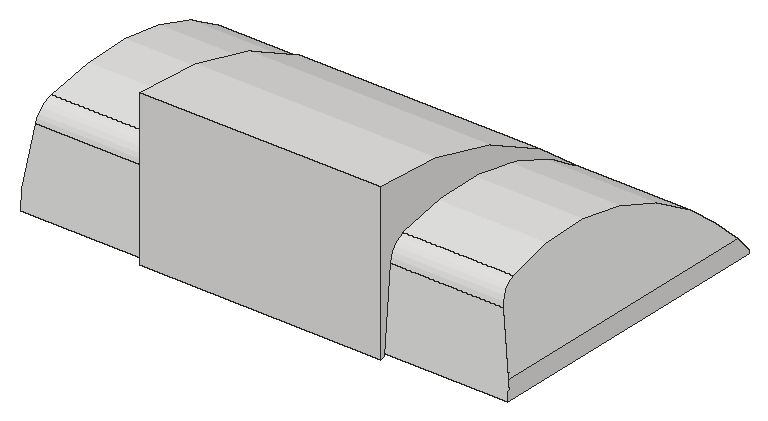
Revit family "WD2M-Down", category Lighting Fixtures, host Wall, Revit 2021
Family settings
  Host = Wall
  Round Connector Dimension = Use Diameter
  Part Type = Normal
  OmniClass Number = 23.80.70.14.11.17
  OmniClass Title = Wall or Ceiling Mounted External Lighting
  Always vertical = No
  Cut with Voids When Loaded = No
  Light Source = Yes
  Shared = Yes
  Room Calculation Point = No
Parameters (values of type "WDM-D-48L-104-3K7-FTD")
  Watts = 104 W
  Wattage Comments = "55,65,85,105&130W"  # constant formula
  Wattage = 104 W
  built-in parameter 1150110 = 1 (stored number, unit not read)
  Voltage = 120 V
  URL = "https://www.currentlighting.com/kimlighting"
  Type Comments = "Lighting Fixture"  # constant formula
  built-in parameter 1114217 = 1 (stored number, unit not read)
  Tilt Angle = 90.00°
  built-in parameter 1150109 = 1 (stored number, unit not read)
  built-in parameter 1150134 = (empty or 0)
  built-in parameter 1150113 = 1 (stored number, unit not read)
  Series = "Wall Director"  # constant formula
  Product Page URL = ""
  Product Documentation Link = ""
  Power Factor = 1  # constant formula
  Photometric Web File = "WDM-D-48L-104-3K7-FTD.IES"
  Photometric Notes = "More IES files download on Photometric Web Link"  # constant formula
  OmniClass Title = "Wall or Ceiling Mounted External Lighting"  # constant formula
  OmniClass Number = "23-80 70 14 11 17"  # constant formula
  Number of Poles = 1
  Note Visible = yes
  Note Text = "LF"  # constant formula
  Mounting Height = 108.00"
  Model = "WD2M-Down"  # constant formula
  MasterFormat Title = "Parking Lighting, Site Lighting"  # constant formula
  Manufacturer = "Kim Lighting"  # constant formula
  Lumens = 10712 lm
  built-in parameter 1150115 = 1 (stored number, unit not read)
  built-in parameter 1150105 = 2841.2 (stored number, unit not read)
  Load Classification = Lighting
  built-in parameter 1150137 = (empty or 0)
  built-in parameter 1150139 = (empty or 0)
  Light Engine = "3000K/70CRI"
  built-in parameter 1150112 = 1 (stored number, unit not read)
  built-in parameter 1150114 = 1 (stored number, unit not read)
  Lamp = "48 LEDs"  # constant formula
  built-in parameter 1150132 = (empty or 0)
  built-in parameter 1150102 = (empty or 0)
  built-in parameter 1150138 = (empty or 0)
  built-in parameter 1150107 = 3000 (stored number, unit not read)
  built-in parameter 1150106 = 28.412 (stored number, unit not read)
  Emit from Rectangle Width = 14.00"  # constant formula
  Emit from Rectangle Length = 5.00"  # constant formula
  Emit Shape Visible in Rendering = no
  built-in parameter 1150104 = 9.569 (stored number, unit not read)
  Distribution = "Forward Throw Diffuse"
  Dimming Lamp Color Temperature Shift = <None>
  Description = "Wall Mounted Luminaire"  # constant formula
  Default Elevation = 0.00"
  Colour Option = WD : White
  Color Filter = 16777215
  built-in parameter 1114218 = 1 (stored number, unit not read)
  built-in parameter 1150133 = 10 (stored number, unit not read)
  Assembly Code = "D5020200"
  Apparent Load = 0 VA
Types (7): name | Watts | Wattage | built-in parameter 1150134 | Photometric Web File | Lumens | built-in parameter 1150105 | Light Engine | built-in parameter 1150107 | built-in parameter 1150106 | built-in parameter 1150104 | Distribution
  (no name) | 104 W | 104 W | (empty or 0) | "WDM-D-48L-104-3K7-FTD.IES" | 10712 lm | 2841.2 (stored number, unit not read) | "3000K/70CRI" | 3000 (stored number, unit not read) | 28.412 (stored number, unit not read) | 9.569 (stored number, unit not read) | "Forward Throw Diffuse"
  WDM-D-48L-88-3K7-WG | 88 W | 88 W | (empty or 0) | "WDM-D-48L-88-3K7-WG.IES" | 10736 lm | 854.34 (stored number, unit not read) | "3000K/70CRI" | 3000 (stored number, unit not read) | 8.5434 (stored number, unit not read) | 11.334 (stored number, unit not read) | "Wall Graze"
  WDM-D-48L-68-3K7-SP | 68 W | 68 W | (empty or 0) | "WDM-D-48L-68-3K7-SP.IES" | 9316 lm | 741.34 (stored number, unit not read) | "3000K/70CRI" | 3000 (stored number, unit not read) | 7.4134 (stored number, unit not read) | 12.728 (stored number, unit not read) | "Spot/Column"
  WDM-D-48L-55-4K7-FTD | 54 W | 54 W | 12 | "WDM-D-48L-55-4K7-FTD.IES" | 6048 lm | 1604.2 (stored number, unit not read) | "4000K/70CRI" | 4000 (stored number, unit not read) | 16.042 (stored number, unit not read) | 10.405 (stored number, unit not read) | "Forward Throw Diffuse"
  WDM-D-48L-131-4K7-1 | 131 W | 131 W | 12 | "WDM-D-48L-131-4K7-1.IES" | 15720 lm | 4169.5 (stored number, unit not read) | "4000K/70CRI" | 4000 (stored number, unit not read) | 41.695 (stored number, unit not read) | 11.148 (stored number, unit not read) | "Type I"
  WDM-D-48L-104-3K7-FTD | 104 W | 104 W | (empty or 0) | "WDM-D-48L-104-3K7-FTD.IES" | 10712 lm | 2841.2 (stored number, unit not read) | "3000K/70CRI" | 3000 (stored number, unit not read) | 28.412 (stored number, unit not read) | 9.569 (stored number, unit not read) | "Forward Throw Diffuse"
  WDM-D-48L-104-5K7-4W | 104 W | 104 W | 2 | "WDM-D-48L-104-5K7-4W.IES" | 12272 lm | 3255 (stored number, unit not read) | "5000K/70CRI" | 5000 (stored number, unit not read) | 32.55 (stored number, unit not read) | 10.963 (stored number, unit not read) | "Type IV Wide"
Reference planes (in)
  plane 1: y = 0
  plane 2 "Light Source Axis (F/B)": y = 10.8
  plane 3 "Light Source Axis (L/R)": x = -1.43133
  plane 4 "Light Source Elevation": z = 105.75
  plane 5 "Back": y = 3
  plane 6: z = 0
  plane 7: z = 108
Text (in)
  text "Placement Side" at (0, 30.98322, 113.37339), in view "Right"
  text "Placement Side" at (-61.11156, 46.17328, 0), in view "Ref. Level"
  text "Placement Side" at (0, 49.33155, 111.53661), in view "Left"
Dimensions and locks (in)
  locked: plane 5 "Back" to host wall
  plane 6 to plane 4 "Light Source Elevation" = 105.75"
  plane 2 "Light Source Axis (F/B)" to plane 5 "Back" = 7.80"
  locked: plane 4 "Light Source Elevation" to plane 7 at 2.25
  "Mounting Height": plane 6 to plane 7
  aligned and locked: plane 4 "Light Source Elevation" to imposter light
  aligned and locked: imposter light to plane 2 "Light Source Axis (F/B)"
  aligned and locked: plane 3 "Light Source Axis (L/R)" to nested 1
  aligned and locked: nested 1 to plane 7
  aligned and locked: plane 3 "Light Source Axis (L/R)" to imposter light
Nested families (in)
  nested 1: "WD" at (-1.43133, 3, 108) x (-1, 0, 0) z (0, 1, 0), type "Platinum Silver"
Connectors (in)
  electrical at (-1.43133, 3, 108), driven by "Load Classification", driven by "Voltage", driven by "Apparent Load", driven by "Power Factor"
    settings: on nested 1, index 1, voltage 120 V, apparent load 0 VA, apparent load phase1 0 VA, apparent load phase2 0 VA, apparent load phase3 0 VA, power factor 1, load classification "Lighting", number of poles 1, system type 30, power factor state 1, is connector primary yes, connector utility no, sub classification motor no, connector description "Ligthing Connector"
Definition of nested family "WD"
  Parameters
    Material Finish = none
    Glass = none
    Default Elevation = 48.00"
  Reference planes (in)
    plane 1 "Center (Front/Back)": y = 0
    plane 2: z = 0
    plane 3 "Center (Left/Right)": x = 0
    plane 4: x = -9
    plane 5: x = 9
    plane 6: y = 2.85
    plane 7: y = -2.85
    plane 8: y = -2.725
    plane 9: z = 11.3
    plane 10: x = -4.45
    plane 11: x = 4.45
    plane 12: z = 10.3
    plane 13: z = 5.3
    plane 14: x = -7
    plane 15: x = 7
    plane 16: y = -1.85
    plane 17: through (-9, -2.025, 48) normal (-0.9877, 0.1564, 0)
    plane 18: through (9, -2.025, 48) normal (-0.9877, -0.1564, 0)
  Forms (in)
    Extrusion 1, solid, material <- "Material Finish"
      sketch origin (0, 0, 0) x (0, 1, 0) y (0, 0, 1)
        loop
          line (-2.725, 0.16693) -> (0.1471, 0.44164)
          arc (0.1471, 0.44164) -> (0.61316, 0.631) -> (0.89874, 1.04514) r 0.87792
          arc (0.89874, 1.04514) -> (1.22413, 5.14012) -> (-0.33139, 8.9421) r 8.86465
          arc (-0.33139, 8.9421) -> (-1.38085, 10.20288) -> (-2.60039, 11.3) r 11.40102
          line (-2.60039, 11.3) -> (-2.725, 11.3) -> (-2.725, 0.16693)
      from -9 to 9
    Extrusion 2, solid, material <- "Material Finish"
      sketch origin (0, 0, 0) x (0, 1, 0) y (0, 0, 1)
        loop
          line (-2.85, 0) -> (2.85, 0)
          arc (2.85, 0) -> (2.02383, 5.052) -> (-0.68128, 9.398) r 13.05555
          arc (-0.68128, 9.398) -> (1.1753, 5.42332) -> (0.89874, 1.04514) r 8.86465
          arc (0.89874, 1.04514) -> (0.61316, 0.631) -> (0.1471, 0.44164) r 0.87792
          line (0.1471, 0.44164) -> (-2.85, 0.15497) -> (-2.85, 0)
      from -4.45 to 4.45
    Extrusion 3, void
      sketch origin (0, 0, 0) x (1, 0, 0) y (0, 1, 0)
        loop
          line (-9, -2.025) -> (-8.22788, 2.85) -> (-9, 2.85) -> (-9, -2.025)
        loop
          line (9, -2.025) -> (9, 2.85) -> (8.22788, 2.85) -> (9, -2.025)
      from 0 to 11.3
    Blend 4, solid, material <- "Material Finish"
      base sketch origin (0, 0, 0) x (1, 0, 0) y (0, 0, 1)
        loop
          line (-9, 11.3) -> (-9, 0.17032) -> (9, 0.17032) -> (9, 11.3) -> (-9, 11.3)
      top sketch origin (0, 0, 0) x (1, 0, 0) y (0, 0, 1)
        loop
          line (-8.73026, 11.05) -> (-8.73026, 0.42032) -> (8.75, 0.42032) -> (8.75, 11.05) -> (-8.73026, 11.05)
      from 2.725 to 2.85
    Extrusion 5, void
      sketch origin (0, 0, 0) x (1, 0, 0) y (0, 0, 1)
        loop
          line (-7, 10.3) -> (-7, 5.3) -> (7, 5.3) -> (7, 10.3) -> (-7, 10.3)
      from 1.85 to 2.85
    Extrusion 6, solid, material <- "Glass"
      sketch origin (0, 0, 0) x (1, 0, 0) y (0, 0, 1)
        loop
          line (-7, 10.3) -> (-7, 5.3) -> (7, 5.3) -> (7, 10.3) -> (-7, 10.3)
      from 2.725 to 2.85
  Cuts and joins
    Extrusion 3, Extrusion 5 cuts Extrusion 1
    Extrusion 5 cuts Blend 4
  Dimensions and locks (in)
    equal spacing: plane 4, plane 3 "Center (Left/Right)", plane 5
    plane 4 to plane 5 = 18.00"
    equal spacing: plane 6, plane 1 "Center (Front/Back)", plane 7
    locked: plane 6 to plane 7 at 5.7
    locked: plane 8 to plane 7 at 0.125
    plane 9 to plane 2 = 11.30"
    equal spacing: plane 10, plane 3 "Center (Left/Right)", plane 11
    locked: plane 9 to plane 12 at 1
    locked: plane 12 to plane 13 at 5
    locked: plane 14 to plane 4 at 2
    locked: plane 5 to plane 15 at 2
    locked: plane 16 to plane 7 at 1
    locked: plane 10 to plane 11 at 8.9
    angle plane 17 to plane 4 = 9.00°
    angle plane 5 to plane 18 = 9.00°
    aligned and locked: plane 2 to level
    aligned and locked: Extrusion 2 sketch curve to plane 7
    aligned and locked: plane 2 to Extrusion 2 sketch curve
    aligned and locked: Extrusion 1 to plane 4
    aligned and locked: plane 5 to Extrusion 1
    aligned and locked: Extrusion 2 to plane 10
    aligned and locked: Extrusion 2 to plane 11
    aligned and locked: plane 6 to Extrusion 3 sketch curve
    aligned and locked: Extrusion 3 sketch curve to plane 4
    aligned and locked: Extrusion 3 sketch curve to plane 6
    aligned and locked: Extrusion 3 sketch curve to plane 5
    aligned and locked: plane 9 to Extrusion 3
    aligned and locked: Extrusion 3 to plane 2
    aligned and locked: Blend 4 sketch curve to cut or joined group of Extrusion 1, Extrusion 3, Extrusion 5
    aligned and locked: plane 8 to Blend 4
    aligned and locked: Blend 4 to plane 7
    aligned and locked: Extrusion 5 sketch curve to plane 12
    aligned and locked: plane 14 to Extrusion 5 sketch curve
    aligned and locked: plane 13 to Extrusion 5 sketch curve
    aligned and locked: Extrusion 5 sketch curve to plane 15
    aligned and locked: Extrusion 5 to plane 7
    aligned and locked: plane 16 to Extrusion 5
    aligned and locked: Extrusion 6 sketch curve to cut or joined group of Extrusion 1, Extrusion 3, Extrusion 5  (x4)
    aligned and locked: plane 8 to Extrusion 6
    aligned and locked: Extrusion 6 to plane 7
    aligned and locked: Extrusion 3 sketch curve to plane 17
    aligned and locked: Extrusion 3 sketch curve to plane 18
  Automatic sketch dimensions
    plane 4 to Blend 4 sketch curve = 0.26974"
    Blend 4 sketch curve to plane 5 = 0.25"
    level to Blend 4 sketch curve = 0.42032"
    Blend 4 sketch curve to plane 9 = 0.25"
    Extrusion 2 sketch curve to plane 6 = 0.00"
    level to Extrusion 2 sketch curve = 0.45988"
    Extrusion 2 sketch curve to Extrusion 2 sketch curve = 0.15497"
    level to Extrusion 2 sketch curve = 0.44164"
    Extrusion 1 sketch curve to plane 8 = 0.00"
    Extrusion 1 sketch curve to plane 9 = 0.00"
    Extrusion 1 sketch curve to plane 7 = 4.68489"
    Extrusion 1 sketch curve to Extrusion 1 sketch curve = 2.06107"
    Extrusion 1 sketch curve to Extrusion 1 sketch curve = 0.12461"
    Extrusion 1 sketch curve to plane 1 "Center (Front/Back)" = 0.06351"
    Extrusion 1 sketch curve to plane 1 "Center (Front/Back)" = 0.1471"
    level to Extrusion 1 sketch curve = 3.77571"
    level to Extrusion 1 sketch curve = 2.29749"
    level to Extrusion 1 sketch curve = 1.31557"
    level to Extrusion 1 sketch curve = 0.44164"
    level to Extrusion 1 sketch curve = 0.16693"
    Extrusion 1 sketch curve to Extrusion 1 sketch curve = 0.00"
    Blend 4 sketch curve to plane 4 = 0.00"
    Blend 4 sketch curve to plane 5 = 0.00"
    level to Blend 4 sketch curve = 0.17032"
    Extrusion 2 sketch curve to plane 1 "Center (Front/Back)" = 0.06351"
    Extrusion 2 sketch curve to Extrusion 2 sketch curve = 0.87393"
    Extrusion 2 sketch curve to plane 1 "Center (Front/Back)" = 0.1471"
    Extrusion 2 sketch curve to Extrusion 2 sketch curve = 0.75164"
    level to Extrusion 2 sketch curve = 3.77571"
    plane 1 "Center (Front/Back)" to Extrusion 2 sketch curve = 0.68128"
    Extrusion 2 sketch curve to Extrusion 2 sketch curve = 0.00"
